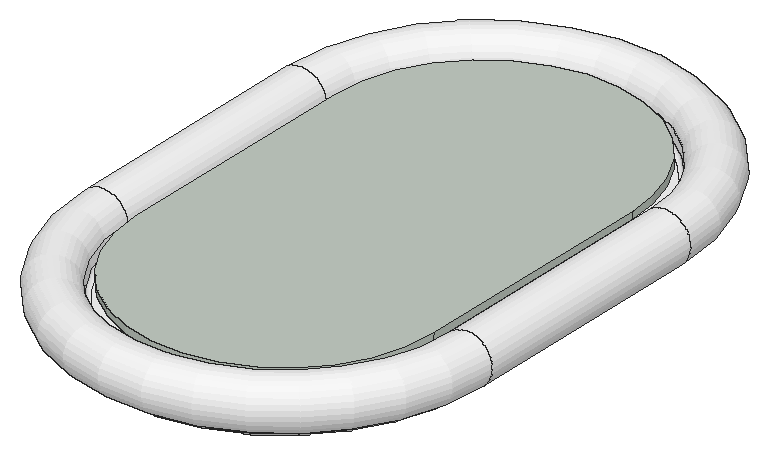
Revit family "IlluminatedMirror-WithCeramicFrame-Vitra-LiquidSeries-66743", category Furniture Systems, host Face, Revit 2017
Family settings
  Host = Face
  Round Connector Dimension = Use Diameter
  Part Type = Normal
  OmniClass Number = 23.40.00.00
  OmniClass Title = Equipment and Furnishings
  Cut with Voids When Loaded = No
  Shared = Yes
  Room Calculation Point = No
Parameters (values of type "IlluminatedMirror-WithCeramicFrame-Vitra-LiquidSeries-66743")
  Youtube = "https://www.youtube.com/user/VitrAglobal"
  Weight Net (kg) = ""
  Warranty Period (Year) = "2"
  Uniformat II Description = "FURNISHINGS"
  Uniformat II Code = "E20"
  Uniclass 2015 Name = "Mirrors"
  Uniclass 2015 Code = "Pr_25_71_53"
  Uniclass 2.0 Description = "Mirrors"
  Uniclass 2.0 Code = "PR-71-55"
  Uniclass 1.4 Description = "Mirrors"
  Uniclass 1.4 Code = "L8732"
  URL = "https://vitraglobal.com/"
  UNSPSC Description = "Mirrors"
  UNSPSC Code = ""
  Technical description = "https://www.vitraglobal.com/pdf/66743/"
  Tap hole Options (default) = ""
  Specification = ""
  Secondary Material = White (Ceramic)
  Region South America = "All"
  Region Oceania = "All"
  Region North America = "All"
  Region Middle East = "All"
  Region Europe = "All"
  Region Asia = "All"
  Region Antarctica = "All"
  Region Africa = "All"
  Product url = "https://www.vitraglobal.com/bathroom-furniture/mirrors/mirrors/liquid-illuminated-mirror-sku-66743/"
  Product manual = ""
  Product group = "Mirror"
  Product family = "Liquid"
  Product data url = ""
  Product certification = "https://www.vitraglobal.com/brochures/"
  Product SKU = "66743"
  Product Guid = ""
  Primary Material = Mirror
  OmniClass Description = "Furnishings, Fixtures and Equipment Products"
  OmniClass Code = "23-21 00 00"
  Nominal Width (mm) = 500 mm
  Nominal Height (mm) = 800 mm
  Nominal Depth (mm) = 65 mm
  NBS Referans Description = ""
  NBS Referans Code = ""
  Mounting type = "Wall Hung"
  Model = "66743"
  Masterformat 2014 Description = "Mirrors"
  Masterformat 2014 Code = "08 83 00"
  Manufacturer name = "Vitra"
  Manufacturer = "Vitra"
  Main Material = "Glass"
  Installation instructions = ""
  IFC Classification = "Furniture"
  EAN code = ""
  Design country = "Turkey"
  Description = "Liquid Illuminated Mirror - With Ceramic Frame - 50x80cm - Wired to Room Lighting"
  Default Elevation = 1200 mm
  Color = "Mirror"
  COBIe Type Category = ""
  Brand = "VitrA"
  BIMobject category = "Mirrors"
  Article No. (default) = "66743"
  Accessories (default) = ""
Reference planes
  plane 1 "Center (Front/Back)": y = 0
  plane 2: z = 0
  plane 3 "Center (Left/Right)": x = 5.814
  plane 4: y = -413.589
  plane 5: y = 386.411
  plane 6: z = 65
  plane 7: x = -244.18
  plane 8: x = 255.82
Forms (mm)
  Sweep 1, solid, material "White (Ceramic)" <- "Secondary Material", detail levels fine
    path origin (0, 0, 0) x (1, 0, 0) y (0, 1, 0)
      loop
        arc (195.781, 136.562) -> (5.781, 326.563) -> (-184.219, 136.562) r 190
        line (-184.219, 136.562) -> (-184.219, -163.438)
        arc (-184.219, -163.438) -> (5.781, -353.438) -> (195.781, -163.438) r 190
        line (195.781, -163.438) -> (195.781, 136.562)
    profile origin (195.781, -13.438, 0) x (1, 0, 0) y (0, 0, 1)
      loop
        arc (39.329, 6.425) -> (49.261, 58.273) -> (0.455, 38.151) r 30
        line (0.455, 38.151) -> (-0.661, 27.48)
        arc (-0.661, 27.48) -> (-2.288, 24.285) -> (-5.634, 23) r 5
        line (-5.634, 23) -> (-17.461, 23) -> (-17.461, 0) -> (30.039, 0)
        arc (30.039, 0) -> (33.063, 0.81) -> (35.276, 3.023) r 6.047
        arc (35.276, 3.023) -> (37.003, 5.081) -> (39.329, 6.425) r 7.735
  Extrusion 2, solid, material "White (Ceramic)" <- "Secondary Material", detail levels fine
    sketch origin (0, 0, 0) x (1, 0, 0) y (0, 1, 0)
      loop
        line (-166.758, 136.562) -> (-166.758, -163.438)
        arc (-166.758, -163.438) -> (5.781, -335.977) -> (178.32, -163.438) r 172.539
        line (178.32, -163.438) -> (178.32, 136.562)
        arc (178.32, 136.562) -> (5.781, 309.102) -> (-166.758, 136.562) r 172.539
    from 0 to 23
  Extrusion 3, solid, material "Mirror" <- "Primary Material", detail levels fine
    sketch origin (5.905, -345.406, 49) x (1, 0, 0) y (0, 1, 0)
      loop
        line (-180.123, 481.969) -> (-180.123, 181.969)
        arc (-180.123, 181.969) -> (0, 1.845) -> (180.123, 181.969) r 180.123
        line (180.123, 181.969) -> (180.123, 481.969)
        arc (180.123, 481.969) -> (0, 662.092) -> (-180.123, 481.969) r 180.123
    from 0 to -8
  Extrusion 4, solid, detail levels medium
    sketch origin (0, 0, 0) x (1, 0, 0) y (0, 1, 0)
      loop
        arc (255.11, 136.562) -> (5.781, 385.892) -> (-243.548, 136.562) r 249.329
        line (-243.548, 136.562) -> (-243.548, -163.438)
        arc (-243.548, -163.438) -> (5.781, -412.767) -> (255.11, -163.438) r 249.329
        line (255.11, -163.438) -> (255.11, 136.562)
    from 0 to 65
  Extrusion 5, solid, detail levels coarse
    sketch origin (0, 0, 0) x (1, 0, 0) y (0, 1, 0)
      loop
        line (255.82, 386.411) -> (-244.18, 386.411) -> (-244.18, -413.589) -> (255.82, -413.589) -> (255.82, 386.411)
    from 0 to 65
Cuts and joins
  joined: Sweep 1, Extrusion 2
Dimensions and locks
  "Nominal Height (mm)": plane 5 to plane 4
  "Nominal Depth (mm)": plane 6 to level
  "Nominal Width (mm)": plane 7 to plane 8
  aligned and locked: plane 2 to host face
  aligned and locked: level to host face
Automatic sketch dimensions
  host sketch curve to host sketch curve = 2438.4 mm  (x2)
  Sweep 1 sketch curve to plane 7 = 59.961 mm
  Sweep 1 sketch curve to plane 3 "Center (Left/Right)" = 0.033 mm
  plane 1 "Center (Front/Back)" to Sweep 1 sketch curve = 163.438 mm
  Sweep 1 sketch curve to plane 1 "Center (Front/Back)" = 136.562 mm
  Sweep 1 sketch curve to level = 0 mm
  profile plane to Sweep 1 sketch curve = 5.634 mm
  profile plane to Sweep 1 sketch curve = 0.661 mm
  Sweep 1 sketch curve to profile plane = 0.455 mm
  level to Sweep 1 sketch curve = 6.047 mm
  Sweep 1 sketch curve to profile plane = 30.039 mm
  Sweep 1 sketch curve to Sweep 1 sketch curve = 0.253 mm
  Sweep 1 sketch curve to level = 0.844 mm
  Sweep 1 sketch curve to Sweep 1 sketch curve = 11.936 mm
  level to Sweep 1 sketch curve = 23 mm
  Sweep 1 sketch curve to Sweep 1 sketch curve = 4.48 mm
  Sweep 1 sketch curve to Sweep 1 sketch curve = 28.984 mm
  Sweep 1 sketch curve to Sweep 1 sketch curve = 10.671 mm
  Sweep 1 sketch curve to Sweep 1 sketch curve = 11.827 mm
  Sweep 1 sketch curve to Sweep 1 sketch curve = 0 mm
  Extrusion 2 sketch curve to plane 3 "Center (Left/Right)" = 0.033 mm
  plane 8 to Extrusion 2 sketch curve = 77.5 mm
  Extrusion 2 sketch curve to plane 1 "Center (Front/Back)" = 136.562 mm
  plane 1 "Center (Front/Back)" to Extrusion 2 sketch curve = 163.438 mm
  Extrusion 3 sketch curve to Extrusion 3 sketch curve = 300 mm
  Extrusion 3 sketch curve to plane 7 = 69.961 mm
  plane 3 "Center (Left/Right)" to Extrusion 3 sketch curve = 0.091 mm
  plane 1 "Center (Front/Back)" to Extrusion 3 sketch curve = 163.437 mm
  Extrusion 4 sketch curve to plane 7 = 0.632 mm
  plane 1 "Center (Front/Back)" to Extrusion 4 sketch curve = 163.438 mm
  Extrusion 4 sketch curve to plane 1 "Center (Front/Back)" = 136.562 mm
  Extrusion 4 sketch curve to plane 3 "Center (Left/Right)" = 0.033 mm
  Extrusion 5 sketch curve to plane 5 = 0 mm
  Extrusion 5 sketch curve to plane 7 = 0 mm
  Extrusion 5 sketch curve to plane 4 = 0 mm
  Extrusion 5 sketch curve to plane 8 = 0 mm
Connectors
  electrical at (5.905, -13.438, 41)
    settings: on Extrusion 3, index 1, voltage 220 V, apparent load 0 VA, apparent load phase1 0 VA, apparent load phase2 0 VA, apparent load phase3 0 VA, power factor 1, load classification "Power", number of poles 1, system type 31, power factor state 1, is connector primary yes, connector utility no, sub classification motor no, connector description ""
